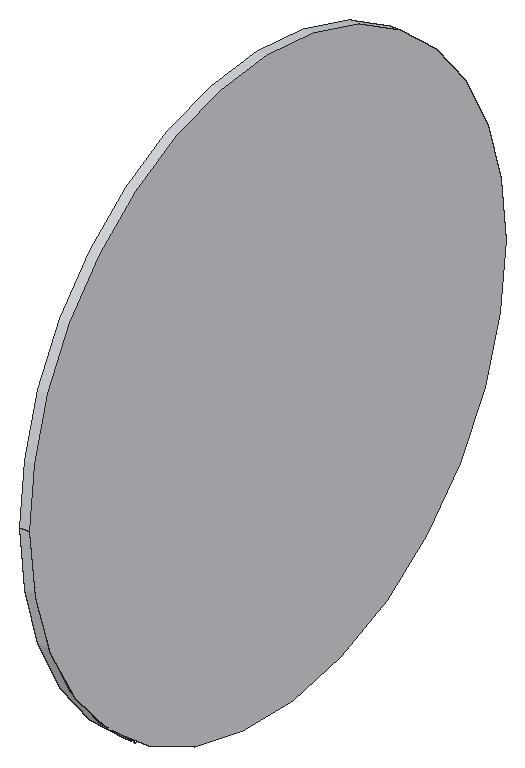
Revit family "0bdfc6f3a12a48fda4a88804796f59ed", category Pipe Fittings, Revit 2021
Family settings
  Round Connector Dimension = Use Radius
  Part Type = Cap
  OmniClass Number = 23.60.30.11.14
  OmniClass Title = Pipework Fittings
  Seek Item ID = Cap - PVC - Sch 40-0000-USA-ENU
  Work Plane-Based = No
  Always vertical = Yes
  Cut with Voids When Loaded = No
  Shared = No
Parameters (values of type "Standard")
  Nominal Radius [instance] = 15.0000"
  Nominal Diameter [instance] = Nominal Radius * 2  # 30.0000"
  Loss Method = Not Defined
  Socket Outside Radius [instance] = Socket Outside Diameter / 2  # 16.4100"
  Socket Outside Diameter [instance] = size_lookup(Lookup Table Name, "SOD", 1.08 * Nominal Diameter + 1.12109", Nominal Diameter)  # 32.8200"
  Lookup Table Name = "Plug Flat Compact - MJ - DI - Class 250"
  Default Elevation = 0.0000"
  Bevel Length [instance] = size_lookup(Lookup Table Name, "BvLgt", 0.04 * Nominal Diameter + 0.4300", Nominal Diameter)  # 0.8200"
  Gland Width [instance] = size_lookup(Lookup Table Name, "GWid", 0.014 * Nominal Diameter + 0.2700", Nominal Diameter)  # 0.6600"
  Gland Outside Radius [instance] = Gland Outside Diameter / 2  # 19.5600"
  Gland Outside Diameter [instance] = size_lookup(Lookup Table Name, "GOD", 1.16 * Nominal Diameter + 4.0300", Nominal Diameter)  # 39.1200"
Reference planes (in)
  plane 1 "Center (Front/Back)": y = 0
  plane 2: z = 0
  plane 3 "Center (Left/Right)": x = 0
  plane 4: x = 1.48
  plane 5: y = 16.41
  plane 6: y = -16.41
  plane 7: x = 0.82
Forms (in)
  Extrusion 1, solid, detail levels fine
    sketch origin (0, 0, 0) x (0, 1, 0) y (0, 0, 1)
      loop
        circle (0, 0) r 16.41
    from 0 to 0.82
  Extrusion 2, solid, detail levels fine
    sketch origin (0, 0, 0) x (0, 1, 0) y (0, 0, 1)
      loop
        circle (0, 0) r 19.56
    from 0.82 to 1.48
Cuts and joins
  joined: Extrusion 1, Extrusion 2
Lines and regions (in)
  model lines, detail levels coarse+medium
    curve 1: line (0, 16.41, 0) -> (1.48, 16.41, 0)
    curve 2: line (1.48, 16.41, 0) -> (1.48, -16.41, 0)
    curve 3: line (1.48, -16.41, 0) -> (0, -16.41, 0)
Dimensions and locks (in)
  "Socket Outside Radius": plane 1 "Center (Front/Back)" to plane 5
  "Socket Outside Radius": plane 6 to plane 1 "Center (Front/Back)"
  "Gland Width": plane 7 to plane 4
  "Bevel Length": plane 3 "Center (Left/Right)" to plane 7
  "Socket Outside Radius": radius of Extrusion 1 sketch curve
  "Gland Outside Radius": radius of Extrusion 2 sketch curve
  aligned and locked: curve 2 to plane 4
  aligned and locked: plane 3 "Center (Left/Right)" to curve 1
  aligned and locked: plane 3 "Center (Left/Right)" to curve 3
  aligned and locked: curve 1 to plane 5
  aligned and locked: curve 3 to plane 6
  aligned and locked: plane 1 "Center (Front/Back)" to Extrusion 1 sketch curve
  aligned and locked: plane 2 to Extrusion 1 sketch curve
  aligned and locked: Extrusion 1 to plane 3 "Center (Left/Right)"
  aligned and locked: Extrusion 1 to plane 7
  aligned and locked: Extrusion 2 to plane 7
  aligned and locked: Extrusion 2 to plane 4
  aligned and locked: plane 2 to Extrusion 2 sketch curve
  aligned and locked: plane 1 "Center (Front/Back)" to Extrusion 2 sketch curve
Connectors (in)
  piping at (0, 0, 0), diameter 30, driven by "Nominal Radius"
    settings: on Extrusion 1, index 1, connector inside diameter 30.0000", connector length 0.0000", flow factor 0, pipe flow 0 GPM, pressure drop 0.00 psi, fitting loss kfactor 0, connector angle 0.00°, fixture units 0, engagement length 0.0000", angle of deflection 0.00°, flow configuration 0, flow direction 0, fitting loss method 0, system type 28, joint type 0, gender type 0, connector reference index -1, connector utility 0, adjustable connector no, is connector primary yes, connector description ""
